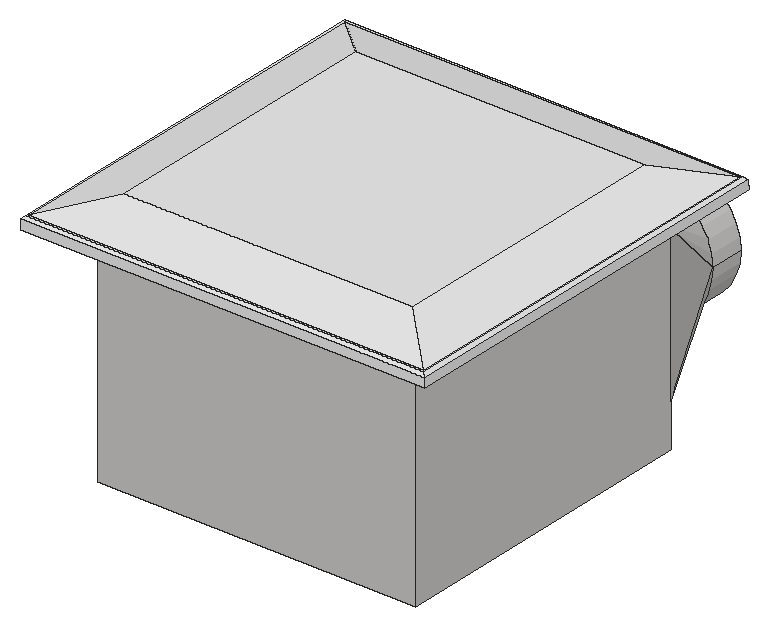
Revit family "Exhaust_Fan-Panasonic-Whisper_Green_Select-(FV-1115VK2)", category Mechanical Equipment, host Face, Revit 2016
Family settings
  Host = Face
  Part Type = Normal
  Round Connector Dimension = Use Radius
  OmniClass Number = 23.75.35.17.17
  OmniClass Title = Room Air Circulation Fans
  Cut with Voids When Loaded = Yes
  Shared = Yes
  Room Calculation Point = No
Parameters (values of type "FV-1115VK2-4-110CFM-915RPM-9.5W")
  Wiring Manual = "Fan has different wiring methods. Review wiring diagram"  # constant formula
  Width = 1' - 0.99995"
  Wall Thickness = 0' - 0 1/2"
  Voltage = 120 V
  URL = "http://us.panasonic.com/ventfans"
  Speed = 915
  Product Page URL = "https://na.panasonic.com/us/home-living-solutions/ventilation-indoor-air-quality/ventilation-fans/whispergreenr-selecttm-fan"
  Product Name = "WhisperGreen Select™"  # constant formula
  Product Documentation Link = "ftp://ftp.panasonic.com/ventilationfan/sellsheet/whispergreen_select_sellsheet.pdf"
  Power Factor = 1
  Phase = 1
  Number of Poles = 1
  Noise = 0.3
  Multi-Speed = 1 = 1  # yes
  Multi Speed Note = "One receptacle is dedicated to Multi-Speed"  # constant formula
  Motion Sensor Note = if(Motion Sensor, "Turns the fan on for 20 minutes when motion is detected", "")  # "Turns the fan on for 20 minutes when motion is detected"
  Motion Sensor = yes
  Model = "FV-1115VK2-4-110CFM-915RPM-9.5W"
  Material = ""
  Manufacturer Phone Number = "(866)292-7299"  # constant formula
  Manufacturer Contact Information = "ventfans@us.panasonic.com"
  Manufacturer Address = "Two Riverfront Plaza, 5th Floor, Newark, NJ 07102-5490"  # constant formula
  Manufacturer = "Panasonic"  # constant formula
  Length = 1' - 1.00012"
  Height = 0' - 7 3/8"
  Frequency = 60 Hz
  Fan Wattage = 9.5 W
  Fan Body Finish = Metal - Panasonic - Steel
  Exhaust Radius = 0' - 2"
  Exhaust Diameter = Exhaust Radius * 2  # 0' - 4"
  Exhaust Connector = "Exhaust Connection"  # constant formula
  Electrical Connector = "Electrical Connection"  # constant formula
  Distributor Locator = "http://www.easylocator.net/search/map3/VentFans"
  Description = "WhisperGreen Select™ One Fan - Multiple IAQ Solutions, 50-80-110 CFM (pre-installed multi-speed)"  # constant formula
  Default Elevation = 4' - 0"
  Cover Finish = Plastic - Panasonic - White
  Copyright = "© 2018 Panasonic Corporation of North America. All Rights Reserved."  # constant formula
  Condensation Sensor Note = if(Condensation Sensor, "Turns the fan on for 20 minutes when excess humidity is detected", "")  # "Turns the fan on for 20 minutes when excess humidity is detected"
  Condensation Sensor = yes
  Code Compliances = "Can be used to comply with ASHRAE 62.2, LEED, ENERGY STAR® IAP, EarthCraft, California Title-24 and WA Ventilation Code."  # constant formula
  Air Volume = 110 CFM
Types (6): name | Speed | Model | Height | Fan Wattage | Air Volume
  FV-1115VK2-4-50CFM-740RPM-3.5W | 740 | "FV-1115VK2-4-50CFM-740RPM-3.5W" | 0' - 8.69122" | 3.5 W | 50 CFM
  FV-1115VK2-4-80CFM-795RPM-5.5W | 795 | "FV-1115VK2-4-80CFM-795RPM-5.5W" | 0' - 8.69122" | 5.5 W | 80 CFM
  FV-1115VK2-4-110CFM-915RPM-9.5W | 915 | "FV-1115VK2-4-110CFM-915RPM-9.5W" | 0' - 7 3/8" | 9.5 W | 110 CFM
  FV-1115VK2-6-50CFM-740RPM-3.5W | 740 | "FV-1115VK2-6-50CFM-740RPM-3.5W" | 0' - 8.69122" | 3.5 W | 50 CFM
  FV-1115VK2-6-80CFM-795RPM-5.5W | 795 | "FV-1115VK2-6-80CFM-795RPM-5.5W" | 0' - 8.69122" | 5.5 W | 80 CFM
  FV-1115VK2-6-110CFM-915RPM-9.5W | 915 | "FV-1115VK2-6-110CFM-915RPM-9.5W" | 0' - 8.69122" | 9.5 W | 110 CFM
Reference planes (in)
  plane 1 "Center (Front/Back)": y = 0
  plane 2: z = 0
  plane 3 "Center (Left/Right)": x = 0
  plane 4: x = -6.49998
  plane 5: x = 6.49998
  plane 6: y = 6.50006
  plane 7: y = -6.50006
  plane 8 "Front": z = 0.875
  plane 9: z = -7.375
  plane 10: z = -5.96233
  plane 11: z = -1.33733
  plane 12: z = -0.5
  plane 13: x = -5.125
  plane 14: y = 5.125
  plane 15: y = -5.125
  plane 16: x = 5.125
  plane 17: y = 9
  plane 18: x = 1.875
  plane 19: y = 7.875
Forms (in)
  Sweep 1, solid, material "Plastic - Panasonic - White" <- "Cover Finish"
    path origin (23.55435, 29.67848, 0) x (1, 0, 0) y (0, 1, 0)
      loop
        line (-30.05433, -36.17854) -> (-17.05437, -36.17854) -> (-17.05437, -23.17842) -> (-30.05433, -23.17842) -> (-30.05433, -36.17854)
    profile origin (-6.49998, 0, 0) x (-1, 0, 0) y (0, 0, 1)
      loop
        line (0, 0) -> (0, 0.30492) -> (-0.094, 0.39892) -> (-0.14736, 0.39892) -> (-0.14736, 0) -> (0, 0)
  Sweep 2, solid, material "Plastic - Panasonic - White" <- "Cover Finish"
    path origin (23.55435, 29.67828, 0) x (1, 0, 0) y (0, 1, 0)
      loop
        line (-29.90696, -36.03098) -> (-17.20147, -36.03098) -> (-17.20147, -23.32579) -> (-29.90696, -23.32579) -> (-29.90696, -36.03098)
    profile origin (-6.35261, -0.0001, 0) x (-1, 0, 0) y (0, 0, 1)
      loop
        line (0, 0) -> (0, 0.39892) -> (-1.70174, 0.875) -> (-1.70174, 0) -> (0, 0)
  Extrusion 3, solid, material "Plastic - Panasonic - White" <- "Cover Finish"
    sketch origin (0, 0, 0) x (1, 0, 0) y (0, 1, 0)
      loop
        line (-4.65087, -4.65096) -> (4.65114, -4.65096) -> (4.65114, 4.65076) -> (-4.65087, 4.65076) -> (-4.65087, -4.65096)
    from 0 to 0.875
  Extrusion 4, solid, material "Metal - Panasonic - Steel" <- "Fan Body Finish"
    sketch origin (23.55432, 29.67842, 0.875) x (0, -1, 0) y (1, 0, 0)
      loop
        line (24.55342, -28.67932) -> (34.80342, -28.67932) -> (34.80342, -18.42932) -> (24.55342, -18.42932) -> (24.55342, -28.67932)
    from -8.25 to -0.875
  Extrusion 5, void
    sketch origin (0, 0, 0.875) x (0, -1, 0) y (1, 0, 0)
      loop
        line (-5.125, -5.125) -> (5.125, -5.125) -> (5.125, 5.125) -> (-5.125, 5.125) -> (-5.125, -5.125)
    from -1.375 to -0.875
  SweptBlend 6, solid, material "Metal - Panasonic - Steel" <- "Fan Body Finish"
    path origin (0, 0, 0.875) x (0, -1, 0) y (1, 0, 0)
      loop
        line (-5.125, 1.875) -> (-7.875, 1.875)
    profile origin (1.875, 5.125, 0.875) x (-1, 0, 0) y (0, 0, 1)
      loop
        line (-3.25, -1.875) -> (-3.25, -6.83733) -> (2.625, -6.83733) -> (2.625, -1.875) -> (-3.25, -1.875)
    end profile origin (1.875, 7.875, 0.875) x (-1, 0, 0) y (0, 0, 1)
      loop
        circle (-0.4375, -4.52483) r 1.9375
  Extrusion 7, solid, material "Metal - Panasonic - Steel" <- "Fan Body Finish"
    sketch origin (0, 0, 0) x (1, 0, 0) y (0, 0, 1)
      loop
        circle (2.3125, -3.64983) r 1.9375
    from -9 to -7.875
  Extrusion 8, solid, material "Metal - Panasonic - Steel" <- "Fan Body Finish"
    sketch origin (0, 0, 0) x (1, 0, 0) y (0, 0, 1)
      loop
        line (-1.5, -1) -> (-4.625, -1) -> (-4.625, -5.625) -> (-1.5, -5.625) -> (-1.5, -1)
    from -5.125 to -7.875
Cuts and joins
  joined: Sweep 1, Sweep 2, Extrusion 3
  joined: Extrusion 4, SweptBlend 6, Extrusion 7, Extrusion 8
Lines and regions (in)
  Masking region 1, detail levels coarse
    outline origin (0, 0, 0.875) x (0, -1, 0) y (1, 0, 0)
      loop
        line (-6.50006, -6.49998) -> (6.50006, -6.49998) -> (6.50006, 6.49998) -> (-6.50006, 6.49998) -> (-6.50006, -6.49998)
  Masking region 2, detail levels medium+fine
    outline origin (0, 0, 0.875) x (0, -1, 0) y (1, 0, 0)
      loop
        line (-6.50006, 6.49998) -> (-6.50006, -6.49998) -> (6.50006, -6.49998) -> (6.50006, 6.49998) -> (-6.50006, 6.49998)
  model lines
    curve 1: line (-4.65101, 4.65086, 0.875) -> (4.65101, 4.65086, 0.875)
    curve 2: line (4.65101, 4.65086, 0.875) -> (4.65101, -4.65086, 0.875)
    curve 3: line (-4.65101, -4.65086, 0.875) -> (-4.65101, 4.65086, 0.875)
    curve 4: line (4.65101, -4.65086, 0.875) -> (-4.65101, -4.65086, 0.875)
    curve 5: line (-4.3335, -4.33346, 0.875) -> (4.33341, -4.33346, 0.875)
    curve 6: line (-4.3335, 4.33324, 0.875) -> (-4.3335, -4.33346, 0.875)
    curve 7: line (4.33341, 4.33324, 0.875) -> (-4.3335, 4.33324, 0.875)
    curve 8: line (4.33341, -4.33346, 0.875) -> (4.33341, 4.33324, 0.875)
    curve 9: line (4.09494, 4.33324, 0.875) -> (4.09494, -4.33346, 0.875)
    curve 10: line (3.96892, -4.33346, 0.875) -> (3.96892, 4.33324, 0.875)
    curve 11: line (3.74431, 4.33324, 0.875) -> (3.74431, -4.33346, 0.875)
    curve 12: line (3.6183, -4.33346, 0.875) -> (3.6183, 4.33324, 0.875)
    curve 13: line (3.39369, 4.33324, 0.875) -> (3.39369, -4.33346, 0.875)
    curve 14: line (3.26767, -4.33346, 0.875) -> (3.26767, 4.33324, 0.875)
    curve 15: line (3.04306, 4.33324, 0.875) -> (3.04306, -4.33346, 0.875)
    curve 16: line (2.91704, -4.33346, 0.875) -> (2.91704, 4.33324, 0.875)
    curve 17: line (2.69257, 4.33324, 0.875) -> (2.69257, -4.33346, 0.875)
    curve 18: line (2.56642, -4.33346, 0.875) -> (2.56642, 4.33324, 0.875)
    curve 19: line (2.34194, 4.33324, 0.875) -> (2.34194, -4.33346, 0.875)
    curve 20: line (2.21593, -4.33346, 0.875) -> (2.21593, 4.33324, 0.875)
    curve 21: line (1.99132, 4.33324, 0.875) -> (1.99132, -4.33346, 0.875)
    curve 22: line (1.86517, -4.33346, 0.875) -> (1.86517, 4.33324, 0.875)
    curve 23: line (1.6407, 4.33324, 0.875) -> (1.6407, -4.33346, 0.875)
    curve 24: line (1.51468, -4.33346, 0.875) -> (1.51468, 4.33324, 0.875)
    curve 25: line (1.29007, 4.33324, 0.875) -> (1.29007, -4.33346, 0.875)
    curve 26: line (1.16405, -4.33346, 0.875) -> (1.16405, 4.33324, 0.875)
    curve 27: line (0.93945, 4.33324, 0.875) -> (0.93945, 0.93944, 0.875)
    curve 28: line (0.81343, 0.93944, 0.875) -> (0.81343, 4.33324, 0.875)
    curve 29: line (0.58882, 4.33324, 0.875) -> (0.58882, 0.93944, 0.875)
    curve 30: line (0.46281, 0.93944, 0.875) -> (0.46281, 4.33324, 0.875)
    curve 31: line (0.2382, 4.33324, 0.875) -> (0.2382, 0.93944, 0.875)
    curve 32: line (0.11218, 0.93944, 0.875) -> (0.11218, 4.33324, 0.875)
    curve 33: line (-0.11242, 4.33324, 0.875) -> (-0.11242, 0.93944, 0.875)
    curve 34: line (-0.23844, 0.93944, 0.875) -> (-0.23844, 4.33324, 0.875)
    curve 35: line (-0.46304, 4.33324, 0.875) -> (-0.46304, 0.93944, 0.875)
    curve 36: line (-0.58906, 0.93944, 0.875) -> (-0.58906, 4.33324, 0.875)
    curve 37: line (-0.81367, 4.33324, 0.875) -> (-0.81367, 0.93944, 0.875)
    curve 38: line (-0.93969, 0.93944, 0.875) -> (-0.93969, 4.33324, 0.875)
    curve 39: line (-0.93969, 0.93944, 0.875) -> (0.93945, 0.93944, 0.875)
    curve 40: line (-0.93971, -0.93966, 0.875) -> (-0.93971, 0.93944, 0.875)
    curve 41: line (0.93948, -0.93966, 0.875) -> (-0.93971, -0.93966, 0.875)
    curve 42: line (0.93948, 0.93944, 0.875) -> (0.93948, -0.93966, 0.875)
    curve 43: line (0.84887, -0.84912, 0.875) -> (0.84887, 0.84887, 0.875)
    curve 44: line (0.84887, 0.84887, 0.875) -> (-0.84914, 0.84887, 0.875)
    curve 45: line (-0.84914, 0.84887, 0.875) -> (-0.84914, -0.84912, 0.875)
    curve 46: line (-0.84914, -0.84912, 0.875) -> (0.84887, -0.84912, 0.875)
    curve 47: line (-0.58834, -0.72889, 0.875) -> (0.58807, -0.72889, 0.875)
    curve 48: arc (0.58807, -0.72889, 0.875) -> (0.68751, -0.6877, 0.875) -> (0.7287, -0.58826, 0.875) r 0.14063
    curve 49: line (0.7287, -0.58826, 0.875) -> (0.7287, 0.58807, 0.875)
    curve 50: arc (0.7287, 0.58807, 0.875) -> (0.68751, 0.6875, 0.875) -> (0.58807, 0.72869, 0.875) r 0.14063
    curve 51: line (0.58807, 0.72869, 0.875) -> (-0.58834, 0.72869, 0.875)
    curve 52: arc (-0.58834, 0.72869, 0.875) -> (-0.68778, 0.6875, 0.875) -> (-0.72897, 0.58807, 0.875) r 0.14063
    curve 53: line (-0.72897, 0.58807, 0.875) -> (-0.72897, -0.58826, 0.875)
    curve 54: arc (-0.72897, -0.58826, 0.875) -> (-0.68778, -0.6877, 0.875) -> (-0.58834, -0.72889, 0.875) r 0.14063
    curve 55: line (0.9396, -0.93966, 0.875) -> (0.9396, -4.33346, 0.875)
    curve 56: line (0.81358, -4.33346, 0.875) -> (0.81358, -0.93966, 0.875)
    curve 57: line (0.58898, -0.93966, 0.875) -> (0.58898, -4.33346, 0.875)
    curve 58: line (0.46296, -4.33346, 0.875) -> (0.46296, -0.93966, 0.875)
    curve 59: line (0.23836, -0.93966, 0.875) -> (0.23836, -4.33346, 0.875)
    curve 60: line (0.11234, -4.33346, 0.875) -> (0.11234, -0.93966, 0.875)
    curve 61: line (-0.11227, -0.93966, 0.875) -> (-0.11227, -4.33346, 0.875)
    curve 62: line (-0.23828, -4.33346, 0.875) -> (-0.23828, -0.93966, 0.875)
    curve 63: line (-0.46289, -0.93966, 0.875) -> (-0.46289, -4.33346, 0.875)
    curve 64: line (-0.58891, -4.33346, 0.875) -> (-0.58891, -0.93966, 0.875)
    curve 65: line (-0.81351, -0.93966, 0.875) -> (-0.81351, -4.33346, 0.875)
    curve 66: line (-0.93953, -4.33346, 0.875) -> (-0.93953, -0.93966, 0.875)
    curve 67: line (-1.16429, 4.33324, 0.875) -> (-1.16429, -4.33346, 0.875)
    curve 68: line (-1.29031, -4.33346, 0.875) -> (-1.29031, 4.33324, 0.875)
    curve 69: line (-1.51492, 4.33324, 0.875) -> (-1.51492, -4.33346, 0.875)
    curve 70: line (-1.64094, -4.33346, 0.875) -> (-1.64094, 4.33324, 0.875)
    curve 71: line (-1.86541, 4.33324, 0.875) -> (-1.86541, -4.33346, 0.875)
    curve 72: line (-1.99156, -4.33346, 0.875) -> (-1.99156, 4.33324, 0.875)
    curve 73: line (-2.21617, 4.33324, 0.875) -> (-2.21617, -4.33346, 0.875)
    curve 74: line (-2.34218, -4.33346, 0.875) -> (-2.34218, 4.33324, 0.875)
    curve 75: line (-2.56666, 4.33324, 0.875) -> (-2.56666, -4.33346, 0.875)
    curve 76: line (-2.69281, -4.33346, 0.875) -> (-2.69281, 4.33324, 0.875)
    curve 77: line (-2.91728, 4.33324, 0.875) -> (-2.91728, -4.33346, 0.875)
    curve 78: line (-3.0433, -4.33346, 0.875) -> (-3.0433, 4.33324, 0.875)
    curve 79: line (-3.26791, 4.33324, 0.875) -> (-3.26791, -4.33346, 0.875)
    curve 80: line (-3.39393, -4.33346, 0.875) -> (-3.39393, 4.33324, 0.875)
    curve 81: line (-3.61853, 4.33324, 0.875) -> (-3.61853, -4.33346, 0.875)
    curve 82: line (-3.74455, -4.33346, 0.875) -> (-3.74455, 4.33324, 0.875)
    curve 83: line (-3.96916, 4.33324, 0.875) -> (-3.96916, -4.33346, 0.875)
    curve 84: line (-4.09518, -4.33346, 0.875) -> (-4.09518, 4.33324, 0.875)
  model lines, not visible
    curve 85: line (-28.20522, -25.02752, 0.875) -> (-18.90321, -25.02752, 0.875)
    curve 86: line (-18.90321, -25.02752, 0.875) -> (-18.90321, -34.32924, 0.875)
    curve 87: line (-28.20522, -34.32924, 0.875) -> (-28.20522, -25.02752, 0.875)
    curve 88: line (-18.90321, -34.32924, 0.875) -> (-28.20522, -34.32924, 0.875)
    curve 89: line (-27.88771, -34.01185, 0.875) -> (-19.2208, -34.01185, 0.875)
    curve 90: line (-27.88771, -25.34514, 0.875) -> (-27.88771, -34.01185, 0.875)
    curve 91: line (-19.2208, -25.34514, 0.875) -> (-27.88771, -25.34514, 0.875)
    curve 92: line (-19.2208, -34.01185, 0.875) -> (-19.2208, -25.34514, 0.875)
    curve 93: line (-19.45928, -25.34514, 0.875) -> (-19.45928, -34.01185, 0.875)
    curve 94: line (-19.5853, -34.01185, 0.875) -> (-19.5853, -25.34514, 0.875)
    curve 95: line (-19.8099, -25.34514, 0.875) -> (-19.8099, -34.01185, 0.875)
    curve 96: line (-19.93592, -34.01185, 0.875) -> (-19.93592, -25.34514, 0.875)
    curve 97: line (-20.16053, -25.34514, 0.875) -> (-20.16053, -34.01185, 0.875)
    curve 98: line (-20.28655, -34.01185, 0.875) -> (-20.28655, -25.34514, 0.875)
    curve 99: line (-20.51115, -25.34514, 0.875) -> (-20.51115, -34.01185, 0.875)
    curve 100: line (-20.63717, -34.01185, 0.875) -> (-20.63717, -25.34514, 0.875)
    curve 101: line (-20.86164, -25.34514, 0.875) -> (-20.86164, -34.01185, 0.875)
    curve 102: line (-20.9878, -34.01185, 0.875) -> (-20.9878, -25.34514, 0.875)
    curve 103: line (-21.21227, -25.34514, 0.875) -> (-21.21227, -34.01185, 0.875)
    curve 104: line (-21.33829, -34.01185, 0.875) -> (-21.33829, -25.34514, 0.875)
    curve 105: line (-21.56289, -25.34514, 0.875) -> (-21.56289, -34.01185, 0.875)
    curve 106: line (-21.68905, -34.01185, 0.875) -> (-21.68905, -25.34514, 0.875)
    curve 107: line (-21.91352, -25.34514, 0.875) -> (-21.91352, -34.01185, 0.875)
    curve 108: line (-22.03954, -34.01185, 0.875) -> (-22.03954, -25.34514, 0.875)
    curve 109: line (-22.26414, -25.34514, 0.875) -> (-22.26414, -34.01185, 0.875)
    curve 110: line (-22.39016, -34.01185, 0.875) -> (-22.39016, -25.34514, 0.875)
    curve 111: line (-22.61477, -25.34514, 0.875) -> (-22.61477, -28.73894, 0.875)
    curve 112: line (-22.74079, -28.73894, 0.875) -> (-22.74079, -25.34514, 0.875)
    curve 113: line (-22.96539, -25.34514, 0.875) -> (-22.96539, -28.73894, 0.875)
    curve 114: line (-23.09141, -28.73894, 0.875) -> (-23.09141, -25.34514, 0.875)
    curve 115: line (-23.31601, -25.34514, 0.875) -> (-23.31601, -28.73894, 0.875)
    curve 116: line (-23.44203, -28.73894, 0.875) -> (-23.44203, -25.34514, 0.875)
    curve 117: line (-23.66663, -25.34514, 0.875) -> (-23.66663, -28.73894, 0.875)
    curve 118: line (-23.79265, -28.73894, 0.875) -> (-23.79265, -25.34514, 0.875)
    curve 119: line (-24.01726, -25.34514, 0.875) -> (-24.01726, -28.73894, 0.875)
    curve 120: line (-24.14328, -28.73894, 0.875) -> (-24.14328, -25.34514, 0.875)
    curve 121: line (-24.36788, -25.34514, 0.875) -> (-24.36788, -28.73894, 0.875)
    curve 122: line (-24.4939, -28.73894, 0.875) -> (-24.4939, -25.34514, 0.875)
    curve 123: line (-24.4939, -28.73894, 0.875) -> (-22.61477, -28.73894, 0.875)
    curve 124: line (-24.49393, -30.61805, 0.875) -> (-24.49393, -28.73894, 0.875)
    curve 125: line (-22.61473, -30.61805, 0.875) -> (-24.49393, -30.61805, 0.875)
    curve 126: line (-22.61473, -28.73894, 0.875) -> (-22.61473, -30.61805, 0.875)
    curve 127: line (-22.70534, -30.5275, 0.875) -> (-22.70534, -28.82951, 0.875)
    curve 128: line (-22.70534, -28.82951, 0.875) -> (-24.40336, -28.82951, 0.875)
    curve 129: line (-24.40336, -28.82951, 0.875) -> (-24.40336, -30.5275, 0.875)
    curve 130: line (-24.40336, -30.5275, 0.875) -> (-22.70534, -30.5275, 0.875)
    curve 131: line (-24.14256, -30.40727, 0.875) -> (-22.96614, -30.40727, 0.875)
    curve 132: arc (-22.96614, -30.40727, 0.875) -> (-22.86671, -30.36608, 0.875) -> (-22.82552, -30.26665, 0.875) r 0.14063
    curve 133: line (-22.82552, -30.26665, 0.875) -> (-22.82552, -29.09032, 0.875)
    curve 134: arc (-22.82552, -29.09032, 0.875) -> (-22.86671, -28.99088, 0.875) -> (-22.96614, -28.94969, 0.875) r 0.14063
    curve 135: line (-22.96614, -28.94969, 0.875) -> (-24.14256, -28.94969, 0.875)
    curve 136: arc (-24.14256, -28.94969, 0.875) -> (-24.24199, -28.99088, 0.875) -> (-24.28318, -29.09032, 0.875) r 0.14063
    curve 137: line (-24.28318, -29.09032, 0.875) -> (-24.28318, -30.26665, 0.875)
    curve 138: arc (-24.28318, -30.26665, 0.875) -> (-24.24199, -30.36608, 0.875) -> (-24.14256, -30.40727, 0.875) r 0.14063
    curve 139: line (-22.61461, -30.61805, 0.875) -> (-22.61461, -34.01185, 0.875)
    curve 140: line (-22.74063, -34.01185, 0.875) -> (-22.74063, -30.61805, 0.875)
    curve 141: line (-22.96524, -30.61805, 0.875) -> (-22.96524, -34.01185, 0.875)
    curve 142: line (-23.09125, -34.01185, 0.875) -> (-23.09125, -30.61805, 0.875)
    curve 143: line (-23.31586, -30.61805, 0.875) -> (-23.31586, -34.01185, 0.875)
    curve 144: line (-23.44188, -34.01185, 0.875) -> (-23.44188, -30.61805, 0.875)
    curve 145: line (-23.66648, -30.61805, 0.875) -> (-23.66648, -34.01185, 0.875)
    curve 146: line (-23.7925, -34.01185, 0.875) -> (-23.7925, -30.61805, 0.875)
    curve 147: line (-24.0171, -30.61805, 0.875) -> (-24.0171, -34.01185, 0.875)
    curve 148: line (-24.14312, -34.01185, 0.875) -> (-24.14312, -30.61805, 0.875)
    curve 149: line (-24.36773, -30.61805, 0.875) -> (-24.36773, -34.01185, 0.875)
    curve 150: line (-24.49375, -34.01185, 0.875) -> (-24.49375, -30.61805, 0.875)
    curve 151: line (-24.71851, -25.34514, 0.875) -> (-24.71851, -34.01185, 0.875)
    curve 152: line (-24.84453, -34.01185, 0.875) -> (-24.84453, -25.34514, 0.875)
    curve 153: line (-25.06913, -25.34514, 0.875) -> (-25.06913, -34.01185, 0.875)
    curve 154: line (-25.19515, -34.01185, 0.875) -> (-25.19515, -25.34514, 0.875)
    curve 155: line (-25.41962, -25.34514, 0.875) -> (-25.41962, -34.01185, 0.875)
    curve 156: line (-25.54578, -34.01185, 0.875) -> (-25.54578, -25.34514, 0.875)
    curve 157: line (-25.77038, -25.34514, 0.875) -> (-25.77038, -34.01185, 0.875)
    curve 158: line (-25.8964, -34.01185, 0.875) -> (-25.8964, -25.34514, 0.875)
    curve 159: line (-26.12087, -25.34514, 0.875) -> (-26.12087, -34.01185, 0.875)
    curve 160: line (-26.24702, -34.01185, 0.875) -> (-26.24702, -25.34514, 0.875)
    curve 161: line (-26.47149, -25.34514, 0.875) -> (-26.47149, -34.01185, 0.875)
    curve 162: line (-26.59751, -34.01185, 0.875) -> (-26.59751, -25.34514, 0.875)
    curve 163: line (-26.82212, -25.34514, 0.875) -> (-26.82212, -34.01185, 0.875)
    curve 164: line (-26.94814, -34.01185, 0.875) -> (-26.94814, -25.34514, 0.875)
    curve 165: line (-27.17275, -25.34514, 0.875) -> (-27.17275, -34.01185, 0.875)
    curve 166: line (-27.29877, -34.01185, 0.875) -> (-27.29877, -25.34514, 0.875)
    curve 167: line (-27.52337, -25.34514, 0.875) -> (-27.52337, -34.01185, 0.875)
    curve 168: line (-27.64939, -34.01185, 0.875) -> (-27.64939, -25.34514, 0.875)
  symbolic lines, detail levels coarse
    curve 169: line (-5.125, -5.125, 0.875) -> (-5.125, 5.125, 0.875)
    curve 170: line (-5.125, 5.125, 0.875) -> (5.125, 5.125, 0.875)
    curve 171: line (5.125, 5.125, 0.875) -> (5.125, -5.125, 0.875)
    curve 172: line (5.125, -5.125, 0.875) -> (-5.125, -5.125, 0.875)
    curve 173: line (-5.125, -5.125, 0.875) -> (5.125, 5.125, 0.875)
    curve 174: line (-5.125, 5.125, 0.875) -> (5.125, -5.125, 0.875)
  symbolic lines, detail levels fine
    curve 175: line (-4.65101, 4.65086, 0.875) -> (4.65101, 4.65086, 0.875)
    curve 176: line (4.65101, 4.65086, 0.875) -> (4.65101, -4.65086, 0.875)
    curve 177: line (4.65101, -4.65086, 0.875) -> (-4.65101, -4.65086, 0.875)
    curve 178: line (-4.65101, -4.65086, 0.875) -> (-4.65101, 4.65086, 0.875)
    curve 179: line (0.93948, 0.93944, 0.875) -> (0.93948, -0.93966, 0.875)
    curve 180: line (0.93948, -0.93966, 0.875) -> (-0.93971, -0.93966, 0.875)
    curve 181: line (-0.93971, -0.93966, 0.875) -> (-0.93971, 0.93944, 0.875)
    curve 182: line (-0.93971, 0.93944, 0.875) -> (0.93948, 0.93944, 0.875)
  symbolic lines, detail levels medium+fine
    curve 183: line (-6.49998, 6.49986, 0.875) -> (-4.65097, 4.65086, 0.875)
    curve 184: line (4.65124, 4.65086, 0.875) -> (6.49998, 6.49959, 0.875)
    curve 185: line (4.65105, -4.65086, 0.875) -> (6.49998, -6.49979, 0.875)
    curve 186: line (-4.65077, -4.65086, 0.875) -> (-6.49998, -6.50006, 0.875)
    curve 187: line (-4.65101, 4.65086, 0.875) -> (4.65101, 4.65086, 0.875)
    curve 188: line (-4.65101, -4.65086, 0.875) -> (-4.65101, 4.65086, 0.875)
    curve 189: line (4.65101, -4.65086, 0.875) -> (-4.65101, -4.65086, 0.875)
    curve 190: line (4.65101, 4.65086, 0.875) -> (4.65101, -4.65086, 0.875)
    curve 191: line (6.49998, -6.49979, 0.875) -> (6.49998, 6.49959, 0.875)
Dimensions and locks (in)
  equal spacing: plane 6, plane 1 "Center (Front/Back)", plane 7
  "Length": plane 6 to plane 7
  locked: plane 4 to Sweep 2 sketch curve at 0.14736
  locked: Sweep 2 sketch curve to plane 5 at 0.14709
  locked: Sweep 2 sketch curve to plane 6 at 0.14756
  locked: Sweep 2 sketch curve to plane 7 at 0.14736
  plane 2 to plane 11 to plane 10 = 0' - 1.33733" locked, 0' - 4 5/8" locked
  Sweep 1 sketch curve to Sweep 1 sketch curve to plane 2 = 0' - 0.094" locked, 0' - 0.30492" locked
  plane 4 to Sweep 1 sketch curve to Sweep 1 sketch curve = 0' - 0.094" locked, 0' - 0.05337" locked
  "Width": plane 4 to plane 5
  equal spacing: plane 4, plane 3 "Center (Left/Right)", plane 5
  plane 13 to plane 3 "Center (Left/Right)" to plane 16 = 0' - 5 1/8" locked, 0' - 5 1/8" locked
  plane 15 to plane 1 "Center (Front/Back)" to plane 14 = 0' - 5 1/8" locked, 0' - 5 1/8" locked
  plane 14 to plane 19 to plane 17 = 0' - 2 3/4" locked, 0' - 1 1/8" locked
  locked: plane 14 to SweptBlend 6 sketch curve at 2.75
  "Height": plane 9 to plane 2
  locked: plane 2 to plane 8 "Front" at 0.875
  locked: SweptBlend 6 sketch curve to plane 2 at 1
  equal spacing: plane 10, SweptBlend 6 sketch curve, plane 11
  equal spacing: plane 10, Extrusion 7 sketch curve, plane 11
  plane 18 to plane 16 = 0' - 3 1/4"
  plane 13 to Extrusion 8 sketch curve to Extrusion 8 sketch curve = 0' - 0 1/2" locked, 0' - 3 1/8" locked
  plane 10 to Extrusion 8 sketch curve to Extrusion 8 sketch curve = 0' - 0.33733" locked, 0' - 4 5/8" locked
  locked: SweptBlend 6 sketch curve to plane 16 at 2.8125
  locked: Extrusion 7 sketch curve to plane 16 at 2.8125
  plane 4 to Sweep 2 sketch curve to Sweep 2 sketch curve = 0' - 0.14736" locked, 0' - 1.70174" locked
  Sweep 2 sketch curve to Sweep 2 sketch curve to plane 2 = 0' - 0.47608" locked, 0' - 0.39892" locked
  aligned and locked: plane 2 to host face
  aligned and locked: level to host face
  aligned and locked: Sweep 1 sketch curve to plane 4
  aligned and locked: plane 6 to Sweep 1 sketch curve
  aligned and locked: Sweep 1 sketch curve to plane 5
  aligned and locked: plane 7 to Sweep 1 sketch curve
  aligned and locked: Sweep 1 to plane 2
  aligned and locked: Sweep 2 to plane 2
  aligned and locked: Extrusion 3 sketch curve to cut or joined group of Sweep 1, Sweep 2, Extrusion 3  (x4)
  aligned and locked: plane 2 to Extrusion 4
  aligned and locked: Extrusion 5 sketch curve to Extrusion 4  (x4)
  aligned and locked: plane 2 to Extrusion 5
  aligned and locked: Extrusion 5 to plane 12
  aligned and locked: Masking region 1 sketch curve to cut or joined group of Sweep 1, Sweep 2, Extrusion 3  (x4)
  aligned and locked: plane 16 to curve 171
  aligned and locked: plane 13 to curve 173
  aligned and locked: plane 15 to curve 173
  aligned and locked: plane 13 to curve 174
  aligned and locked: plane 14 to curve 174
  aligned and locked: plane 14 to curve 173
  aligned and locked: plane 16 to curve 174
  aligned and locked: curve 175 to curve 1
  aligned and locked: curve 176 to curve 2
  aligned and locked: curve 177 to curve 4
  aligned and locked: curve 178 to curve 3
  aligned and locked: curve 179 to curve 42
  aligned and locked: curve 180 to curve 41
  aligned and locked: curve 181 to curve 40
  aligned and locked: curve 182 to curve 39
  aligned and locked: Masking region 2 sketch curve to Masking region 1  (x3)
  aligned and locked: curve 177 to curve 186
  aligned and locked: curve 185 to curve 177
  aligned and locked: curve 175 to curve 184
  aligned and locked: curve 175 to curve 183
  aligned and locked: curve 187 to curve 1
  aligned and locked: curve 188 to curve 3
  aligned and locked: curve 189 to curve 4
  aligned and locked: curve 190 to curve 2
  aligned and locked: Masking region 1 to curve 191
  aligned and locked: cut or joined group of Sweep 1, Sweep 2, Extrusion 3 to plane 2  (x2)
  aligned and locked: plane 4 to cut or joined group of Sweep 1, Sweep 2, Extrusion 3
  aligned and locked: plane 2 to Sweep 2 sketch curve
  aligned and locked: Extrusion 4 to plane 9
  aligned and locked: plane 13 to Extrusion 4
  aligned and locked: Extrusion 4 to plane 14
  aligned and locked: Extrusion 4 to plane 15
  aligned and locked: plane 5 to Masking region 2 sketch curve
  aligned and locked: plane 14 to SweptBlend 6 sketch curve
  aligned and locked: plane 18 to SweptBlend 6 sketch curve
  aligned and locked: plane 10 to SweptBlend 6 sketch curve
  aligned and locked: Extrusion 7 to plane 19
  aligned and locked: plane 16 to SweptBlend 6 sketch curve
  aligned and locked: plane 19 to Extrusion 8
  aligned and locked: plane 14 to Extrusion 8
  aligned and locked: cut or joined group of Sweep 1, Sweep 2, Extrusion 3 to plane 8 "Front"
Automatic sketch dimensions
  host sketch curve to host sketch curve = 8' - 0"  (x2)
  level to Sweep 1 sketch curve = 0' - 0"
  Sweep 1 sketch curve to profile plane = 0' - 0"
  plane 7 to Extrusion 4 sketch curve = 0' - 11.62506"
  Extrusion 4 sketch curve to plane 4 = 0' - 11.62498"
  Extrusion 4 sketch curve to Extrusion 4 sketch curve = 0' - 10 1/4"  (x2)
  curve 188 to plane 13 = 0' - 0.47399"
  curve 183 to plane 4 = 0' - 0"
  curve 186 to plane 4 = 0' - 0"
  plane 7 to curve 191 = 0' - 0.00027"
  plane 14 to curve 190 = 0' - 0.47414"
  curve 179 to plane 1 "Center (Front/Back)" = 0' - 0.93944"
  curve 181 to plane 3 "Center (Left/Right)" = 0' - 0.93971"
  curve 190 to curve 185 = 0' - 0.00004"
  plane 1 "Center (Front/Back)" to curve 180 = 0' - 0.93966"
  plane 3 "Center (Left/Right)" to curve 180 = 0' - 0.93948"
  plane 15 to curve 178 = 0' - 0.47414"
  SweptBlend 6 sketch curve to profile plane = 0' - 2 5/8"
  curve 184 to plane 5 = 0' - 0"
  curve 186 to plane 7 = 0' - 0"
  plane 6 to curve 191 = 0' - 0.00047"
  plane 16 to curve 176 = 0' - 0.47399"
  plane 6 to curve 183 = 0' - 0.0002"
  curve 175 to curve 183 = 0' - 0.00004"
  curve 177 to curve 186 = 0' - 0.00023"
  curve 175 to curve 184 = 0' - 0.00023"
  radius of SweptBlend 6 sketch curve = 0' - 1 15/16"
  radius of Extrusion 7 sketch curve = 0' - 1 15/16"
Connectors (in)
  hvac at (2.3125, 9, -3.64983), driven by "Exhaust Radius", driven by "Exhaust Connector"
    settings: on cut or joined group of Extrusion 4, SweptBlend 6, Extrusion 7, Extrusion 8, index 1, duct flow 0 CFM, flow factor 0, pres drop 0.00 in-wg, loss coef 0, conn angle 0.00°, conn width 12", conn height 12", conn diameter 4", duct sys type 1, conn prof type 0, flow config 0, flow direction 0, loss method 0, conn ref index -1, conn util no, is conn primary yes, conn desc "Exhaust Connection"
  electrical at (-3.0625, 7.875, -3.3125), driven by "Number of Poles", driven by "Voltage", driven by "Power Factor", driven by "Electrical Connector"
    settings: on cut or joined group of Extrusion 4, SweptBlend 6, Extrusion 7, Extrusion 8, index 2, voltage 120 V, apparent load 0 VA, apparent load phase1 0 VA, apparent load phase2 0 VA, apparent load phase3 0 VA, power factor 1, load classification "Other", number of poles 1, system type 31, power factor state 1, is connector primary yes, connector utility no, sub classification motor no, connector description "Electrical Connection"
